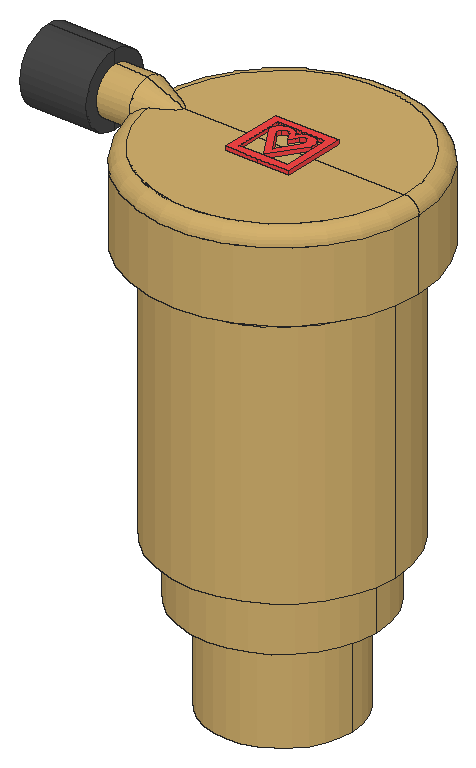
Revit family "Воздухоудалитель с функцией впуска и выпуска воздуха 2630 03", category Rohrzubehör, Revit 2019
Family settings
  Bemaßung runder Anschluss = Durchmesser verwenden
  Teiletyp = Normal
  OmniClass-Nummer = 23.65.55.14
  OmniClass-Titel = Valves for Liquid Services
  Arbeitsebenenbasiert = Nein
  Immer vertikal = Ja
  Beim Laden mit Abzugskörper schneiden = Nein
  Gemeinsam genutzt = Nein
Parameters
  Номер заказа [instance] = if(Nennweite AG = 20.000 mm, 1263003, 0)  # 1263003
  URL = "www.herz-armaturen.ru"
  Поплавок = "полипропилен"  # constant formula
  SCRNSEQ = "AWI;AWI_TYP=\"1013\";1"
  SCRNCODE = "05;14;01"  # constant formula
  S04 = 11.000 mm  # constant formula
  S03 = 24.500 mm  # constant formula
  S02 = 12.500 mm  # constant formula
  S01 = 59.000 mm  # constant formula
  R01 = 2.000 mm  # constant formula
  Nennweite AG [instance] = 20.000 mm  # constant formula
  Мин. рабочая температура = 0 °C  # constant formula
  Среда = "Качество  теплоносителя в соответствии с ÖNORM H5195 и/или предписаниями VDI-Standard 2035.\nРазрешается использование смеси этилен или пропиленгликоля в соотношении 25-50% с водой. Прокладки EPDM могут быть подвержены воздействию минеральных смазочных масел, что может служить причиной выхода из строя данных уплотнений. Пожалуйста, обратитесь к документации производителя, при использовании этиленгликоля и пропиленгликоля в целях защиты от замерзания."
  Макс. давление на корпусе = 1200000.0 Pa  # constant formula
  Макс. рабочая температура = 110 °C  # constant formula
  Макс. рабочее давление = 800000.0 Pa  # constant formula
  L04 = L00 - L01  # 24.000 mm
  L03 = 13.500 mm  # constant formula
  L02 = 4.800 mm  # constant formula
  L01 = 9.500 mm  # constant formula
  L00 = 33.500 mm  # constant formula
  Hersteller = "Herz-Armaturen GmbH"  # constant formula
  H08 = 8.000 mm  # constant formula
  H07 = 22.000 mm  # constant formula
  H06 = 14.000 mm  # constant formula
  H05 = 59.000 mm - 1.000 mm  # 58.000 mm
  H04 = H03 - D03  # 57.900 mm
  H03 = 63.000 mm  # constant formula
  H02 = 9.500 mm  # constant formula
  H01 = 12.000 mm  # constant formula
  H00 = 71.500 mm  # constant formula
  Корпус = "штампованная латунь в соответствии с EN 12165, CW617N"  # constant formula
  G2 [instance] = Nennweite AG / 2  # 10.000 mm
  G1 = 5.000 mm  # constant formula
  Уплотнение = "NBR"  # constant formula
  Крышка корпуса = "штампованная латунь в соответствии с EN 12165, CW617N"  # constant formula
  D06 = 13.500 mm  # constant formula
  D05 = 0.800 mm  # constant formula
  D04 = 3.400 mm  # constant formula
  D03 = 5.100 mm  # constant formula
  D02 = 19.500 mm  # constant formula
  D01 = 16.200 mm  # constant formula
  Наружная резьба подключения = "в соответствии с ISO 228"  # constant formula
  Область применения = "Воздухоотводчик используется для удаления воздуха в системах отопления и холодоснабжения. Клапаны должны быть размещены рядом с котлом или же в самых высоких точках системы, чтобы обеспечить удаление воздуха из системы."
  Адаптер = "латунь CW617N, EN 12165"  # constant formula
  Колпачок = "полипропилен, цвет черный"  # constant formula
Reference planes
  plane 1 "Mitte (Vorne/hinten)": y = 0
  plane 2: z = 0
  plane 3 "Mitte (Links/rechts)": x = 0
Forms (mm)
  Revolve 1, solid, material "Messing", detail levels fine
    sketch origin (0, 0, 0) x (1, 0, 0) y (0, 0, 1)
      loop
        line (0, -12.5) -> (0, 59) -> (-17.5, 59)
        arc (-17.5, 59) -> (-18.914, 58.414) -> (-19.5, 57) r 2
        line (-19.5, 57) -> (-19.5, 47) -> (-18.2, 47)
        arc (-18.2, 47) -> (-16.786, 46.414) -> (-16.2, 45) r 2
        line (-16.2, 45) -> (-16.2, 9.5) -> (-13.5, 9.5) -> (-13.5, 1.5) -> (-10, 1.5) -> (-10, -12.5) -> (0, -12.5)
      axis (0, 59) -> (0, -12.5)
    angle from 0 to 360
  Revolve 2, solid, material "Kunststoff schwarz", detail levels fine
    sketch origin (0, 0, 0) x (1, 0, 0) y (0, 0, 1)
      loop
        line (-33.5, 57.9) -> (-24, 57.9) -> (-24, 63) -> (-33.5, 63) -> (-33.5, 57.9)
      axis (-33.5, 57.9) -> (-24, 57.9)
    angle from 0 to 360
  Revolve 3, solid, material "Messing", detail levels fine
    sketch origin (0, 0, 0) x (1, 0, 0) y (0, 0, 1)
      loop
        line (-24, 57.9) -> (0, 57.9) -> (0, 58.7) -> (-13.5, 58.7) -> (-19.2, 61.3) -> (-24, 61.3) -> (-24, 57.9)
      axis (-24, 57.9) -> (0, 57.9)
    angle from 0 to 360
Lines and regions (mm)
  model lines
    curve 1: line (0, 19.55, 0) -> (0, 0, 0)
  model lines, detail levels coarse+medium
    curve 2: line (0, 59, 0) -> (-11.455, 47.545, 0)
    curve 3: line (0, 59, 0) -> (11.455, 47.545, 0)
    curve 4: circle (0, 34.5, 0) r 11 normal (0, 0, 1)
    curve 5: line (0, 10, 0) -> (-11.455, 21.455, 0)
    curve 6: line (0, 10, 0) -> (11.455, 21.455, 0)
    curve 7: line (0, 59, 0) -> (0, 45.5, 0)
    curve 8: line (0, 23.5, 0) -> (0, -12.5, 0)
    curve 9: line (0, 0, 59) -> (-11.455, 0, 47.545)
    curve 10: line (0, 0, 59) -> (11.455, 0, 47.545)
    curve 11: circle (0, 0, 34.5) r 11 normal (0, -1, 0)
    curve 12: line (0, 0, 10) -> (-11.455, 0, 21.455)
    curve 13: line (0, 0, 10) -> (11.455, 0, 21.455)
    curve 14: line (0, 0, 59) -> (0, 0, 45.5)
    curve 15: line (0, 0, 23.5) -> (0, 0, -12.5)
    curve 16: line (0, 0, 59) -> (0, -11.455, 47.545)
    curve 17: line (0, 0, 59) -> (0, 11.455, 47.545)
    curve 18: circle (0, 0, 34.5) r 11 normal (1, 0, 0)
    curve 19: line (0, 0, 10) -> (0, -11.455, 21.455)
    curve 20: line (0, 0, 10) -> (0, 11.455, 21.455)
Dimensions and locks
  "D01": Revolve 1 sketch curve to Revolve 1 sketch curve
  "D02": Revolve 1 sketch curve to Revolve 1 sketch curve
  "H01": Revolve 1 sketch curve to Revolve 1 sketch curve
  "D03": Revolve 2 sketch curve to Revolve 2 sketch curve
  "L01": Revolve 2 sketch curve to Revolve 2 sketch curve
  "L00": Revolve 2 sketch curve to plane 3 "Mitte (Links/rechts)"
  "D04": Revolve 3 sketch curve to Revolve 3 sketch curve
  "L02": Revolve 3 sketch curve to Revolve 3 sketch curve
  "L03": Revolve 3 sketch curve to plane 3 "Mitte (Links/rechts)"
  "L04": Revolve 3 sketch curve to plane 3 "Mitte (Links/rechts)"
  "D05": Revolve 3 sketch curve to Revolve 3 sketch curve
  "H03": Revolve 2 sketch curve to plane 2
  "H04": Revolve 3 sketch curve to plane 2
  "H06": Revolve 1 sketch curve to Revolve 1 sketch curve
  "G2": Revolve 1 sketch curve to Revolve 1 sketch curve
  "H08": Revolve 1 sketch curve to Revolve 1 sketch curve
  "H00": Revolve 1 sketch curve to Revolve 1 sketch curve
  "S01": plane 1 "Mitte (Vorne/hinten)" to curve 7
  "S02": curve 8 to plane 1 "Mitte (Vorne/hinten)"
  "S03": curve 7 to curve 4 to curve 6
  "D01": curve 2 to curve 2
  "D01": curve 3 to curve 3
  "D01": curve 5 to curve 5
  "D01": curve 6 to curve 6
  "S01": curve 14 to plane 2
  "S02": plane 2 to curve 15
  "S03": curve 14 to curve 11 to curve 13
  "D01": curve 9 to curve 9
  "D01": curve 10 to curve 10
  "D01": curve 12 to curve 12
  "D01": curve 13 to curve 13
  "S01": curve 17 to plane 2
  "S03": curve 17 to curve 18 to curve 20
  "D01": curve 16 to curve 16
  "D01": curve 17 to curve 17
  "D01": curve 19 to curve 19
  "D01": curve 20 to curve 20
  "R01": radius of Revolve 1 sketch curve  (x2)
  "S04": radius of curve 4
  "S04": radius of curve 11
  "S04": radius of curve 18
  angle curve 2 to curve 7 = 45.00°
  angle curve 7 to curve 3 = 45.00°
  angle curve 8 to curve 5 = 45.00°
  angle curve 6 to curve 8 = 45.00°
  angle curve 9 to curve 14 = 45.00°
  angle curve 14 to curve 10 = 45.00°
  angle curve 15 to curve 12 = 45.00°
  angle curve 13 to curve 15 = 45.00°
  angle curve 16 to plane 1 "Mitte (Vorne/hinten)" = 45.00°
  angle plane 1 "Mitte (Vorne/hinten)" to curve 17 = 45.00°
  angle plane 1 "Mitte (Vorne/hinten)" to curve 19 = 45.00°
  angle curve 20 to plane 1 "Mitte (Vorne/hinten)" = 45.00°
  aligned and locked: level to plane 2
Automatic sketch dimensions
  curve 20 to plane 1 "Mitte (Vorne/hinten)" = 0.000 mm
  curve 18 to plane 1 "Mitte (Vorne/hinten)" = 0.000 mm
  curve 17 to plane 1 "Mitte (Vorne/hinten)" = 0.000 mm
  curve 10 to plane 3 "Mitte (Links/rechts)" = 0.000 mm
  curve 15 to plane 3 "Mitte (Links/rechts)" = 0.000 mm
  curve 11 to plane 3 "Mitte (Links/rechts)" = 0.000 mm
  curve 12 to plane 3 "Mitte (Links/rechts)" = 0.000 mm
  curve 2 to plane 3 "Mitte (Links/rechts)" = 0.000 mm
  plane 1 "Mitte (Vorne/hinten)" to curve 1 = 0.000 mm
  curve 1 to plane 3 "Mitte (Links/rechts)" = 0.000 mm
  curve 8 to plane 3 "Mitte (Links/rechts)" = 0.000 mm
  curve 4 to plane 3 "Mitte (Links/rechts)" = 0.000 mm
  curve 5 to plane 3 "Mitte (Links/rechts)" = 0.000 mm
  curve 1 to curve 8 = 3.950 mm
  Revolve 1 sketch curve to plane 3 "Mitte (Links/rechts)" = 0.000 mm  (x2)
  level to Revolve 1 sketch curve = 1.500 mm
  Revolve 1 sketch curve to Revolve 1 sketch curve = 3.500 mm
  Revolve 1 sketch curve to Revolve 1 sketch curve = 1987.500 mm
  Revolve 1 sketch curve to Revolve 1 sketch curve = 1937.000 mm
  Revolve 2 sketch curve to Revolve 2 sketch curve = 0.000 mm  (x3)
  Revolve 3 sketch curve to plane 3 "Mitte (Links/rechts)" = 0.000 mm
  Revolve 3 sketch curve to Revolve 3 sketch curve = 0.212 mm
  Revolve 3 sketch curve to plane 3 "Mitte (Links/rechts)" = 0.539 mm
  Revolve 3 sketch curve to Revolve 3 sketch curve = 0.000 mm
Nested families
  nested 1: "Herz-Logo" at (0, 0, 58), type "Herz-Logo", detail levels fine
Connectors
  piping at (0, 0, -12.5), diameter 20, driven by "Nennweite AG"
    settings: on Revolve 1, index 1, connector inside diameter 609.6 mm, connector length 0.000 mm, flow factor 0, pipe flow 0.0 L/s, pressure drop 0.0 Pa, fitting loss kfactor 0, connector angle 0.00°, fixture units 0, engagement length 0.000 mm, angle of deflection 0.00°, flow configuration 0, flow direction 1, fitting loss method 0, system type 29, joint type 0, gender type 0, connector reference index -1, connector utility 0, adjustable connector no, is connector primary yes, connector description ""
Definition of nested family "Herz-Logo"
  Reference planes
    plane 1 "Mitte (Vorne/hinten)": y = 0
    plane 2: z = 0
    plane 3 "Mitte (Links/rechts)": x = 0
  Forms (mm)
    Extrusion 1, solid
      sketch origin (0, 0, 0) x (1, 0, 0) y (0, 1, 0)
        loop
          line (-0.018, -4.517) -> (4.482, -4.517) -> (4.482, 4.483) -> (-4.518, 4.483) -> (-4.518, -4.517) -> (-0.018, -4.517)
        loop
          line (-0.05, -3.48) -> (3.482, -3.48) -> (3.482, 3.483) -> (-3.518, 3.483) -> (-3.518, -3.48) -> (-0.05, -3.48)
        loop
          arc (-0.018, 2.383) -> (-1.543, 3.287) -> (-3.067, 2.383) r 1.738
          arc (-3.067, 2.383) -> (-3.191, 1.899) -> (-3.067, 1.415) r 1.009
          line (-3.067, 1.415) -> (-0.018, -3.281) -> (3.032, 1.415)
          arc (3.032, 1.415) -> (3.156, 1.899) -> (3.032, 2.383) r 1.009
          arc (3.032, 2.383) -> (1.507, 3.287) -> (-0.018, 2.383) r 1.738
        loop
          arc (1.885, 1.272) -> (2.005, 1.675) -> (1.885, 2.079) r 0.74
          arc (1.885, 2.079) -> (1.265, 2.416) -> (0.644, 2.079) r 0.74
          line (0.644, 2.079) -> (-0.018, 0.97) -> (-0.679, 2.079)
          arc (-0.679, 2.079) -> (-1.3, 2.416) -> (-1.921, 2.079) r 0.74
          arc (-1.921, 2.079) -> (-2.04, 1.675) -> (-1.921, 1.272) r 0.74
          line (-1.921, 1.272) -> (-0.018, -1.658) -> (1.885, 1.272)
      from 0 to 1.5
  Dimensions and locks
    aligned and locked: level to plane 2
